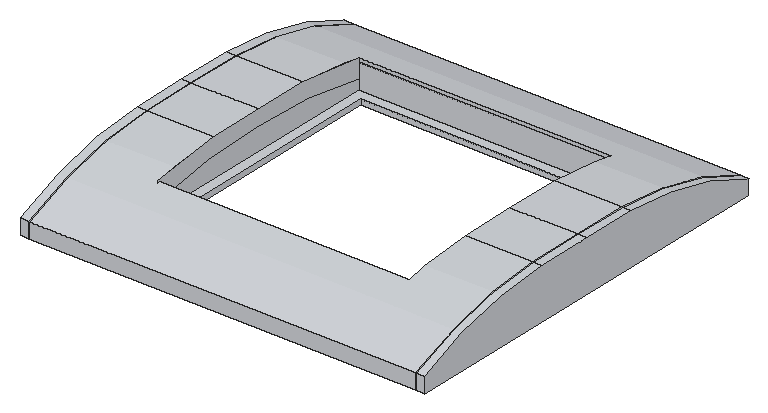
Revit family "Gira_021107", category Electrical Fixtures, host Face, Revit 2017
Family settings
  Host = Face
  Maintain Annotation Orientation = No
  Round Connector Dimension = Use Diameter
  Part Type = Normal
  Cut with Voids When Loaded = No
  Shared = No
  Room Calculation Point = No
Parameters (values of type "Cov.fr. 1-g interm.fr. AN Gira Event p.white m")
  With mounting grid = "No"
  With hinged lid = "No"
  URL = "http://katalog.gira.de/en/datenblatt.html?artikelnr=021107"
  Type of fastening = "Clamp mounting"
  Transparent = "No"
  Surface protection = "Other"
  Surface finishing = "Matt"
  Suitable for wall duct = "No"
  Suitable for flush-mounted installation = "Yes"
  Suitable for floor box = "No"
  Suitable for built-in installation = "No"
  RAL-number (akin) = "9010"
  Number of units vertical = "1"
  Number of units horizontal = "1"
  Number of units = "1"
  Name = "Cov.fr. 1-g interm.fr. AN Gira Event p.white m"
  Mounting direction = "Horizontal and vertical"
  Material quality = "Thermoplastic"
  Material = "Plastic"
  Manufacturer URL = "https://www.gira.de/"
  Manufacturer = "Gira"
  Label space/information surface = "No"
  Keynote = ""
  HeinzeBIM = "https://bimportal.heinze.de/bim/cov-fr-1-g-interm-fr-an-gira-event-p-white-m/704a7c22f738b9d9c31c6109cdb5915556e3b335"
  Halogen free = "Yes"
  HAN = "021107"
  GTIN = "4010337211075"
  Description = "Cov.fr.1g i.fr.AN Event PWm,Gira Event frames,pure white matt with anthracite intermediate frame,1-gang,Features:,- Shatter-proof."
  Degree of protection (IP) = "IP20"
  Default Elevation = 1219.2 mm
  Data sheet (1) = "https://katalog.gira.de/en/download.html?artikelnr=021107"
  Colour = "White"
  Category = "Cover frame for domestic switching devices"
  BIM (1) = "https://media.stage.bim.site/public/gira/36a6b08/Event_Rahmen_1fach.rfa"
  Available = "No"
Reference planes
  plane 1 "Center (Front/Back)": y = 0
  plane 2: z = 0
  plane 3 "Center (Left/Right)": x = 0
Forms (mm)
  Extrusion 1, solid, detail levels fine
    sketch origin (0, 0, 1.55) x (0, 1, 0) y (0, 0, 1)
      loop
        arc (12.445, 9.683) -> (6.223, 9.833) -> (0, 9.85) r 291.636
        arc (0, 9.85) -> (-6.223, 9.833) -> (-12.445, 9.683) r 291.636
        arc (-12.445, 9.683) -> (-29.14, 7.482) -> (-45, 1.823) r 79.728
        line (-45, 1.823) -> (-45, -1.55) -> (-41.777, -1.55) -> (-41.777, -0.55)
        arc (-41.777, -0.55) -> (-21.205, 4.846) -> (0, 6.467) r 118.15
        arc (0, 6.467) -> (21.205, 4.846) -> (41.777, -0.55) r 118.15
        line (41.777, -0.55) -> (41.777, -1.55) -> (45, -1.55) -> (45, 1.823)
        arc (45, 1.823) -> (29.14, 7.482) -> (12.445, 9.683) r 79.728
    from -43 to 43
  Extrusion 2, void, detail levels fine
    sketch origin (0, 0, 0) x (1, 0, 0) y (0, 1, 0)
      loop
        line (-28, -28) -> (28, -28) -> (28, 28) -> (-28, 28) -> (-28, -28)
    from 2.85 to 12
  Extrusion 3, solid, detail levels coarse
    sketch origin (0, 0, 0) x (1, 0, 0) y (0, 1, 0)
      loop
        line (-45, 45) -> (-45, -45) -> (45, -45) -> (45, 45) -> (-45, 45)
    from 0 to 11.4
  Extrusion 4, solid, detail levels medium
    sketch origin (0, 0, 1.55) x (0, 1, 0) y (0, 0, 1)
      loop
        arc (12.445, 9.683) -> (6.223, 9.833) -> (0, 9.85) r 291.636
        arc (0, 9.85) -> (-6.223, 9.833) -> (-12.445, 9.683) r 291.636
        arc (-12.445, 9.683) -> (-29.14, 7.482) -> (-45, 1.823) r 79.728
        line (-45, 1.823) -> (-45, -1.55) -> (45, -1.55) -> (45, 1.823)
        arc (45, 1.823) -> (29.14, 7.482) -> (12.445, 9.683) r 79.728
    from -45 to 45
  Extrusion 5, solid, detail levels fine
    sketch origin (0, 0, 0) x (0, 1, 0) y (0, 0, 1)
      loop
        arc (45, 3.373) -> (29.14, 9.032) -> (12.445, 11.233) r 79.728
        arc (12.445, 11.233) -> (6.223, 11.383) -> (0, 11.4) r 291.636
        arc (0, 11.4) -> (-6.223, 11.383) -> (-12.445, 11.233) r 291.636
        arc (-12.445, 11.233) -> (-29.14, 9.032) -> (-45, 3.373) r 79.728
        line (-45, 3.373) -> (-45, 0) -> (45, 0) -> (45, 3.373)
    from 43 to 45
  Extrusion 6, solid, detail levels fine
    sketch origin (0, 0, 0) x (0, 1, 0) y (0, 0, -1)
      loop
        line (45, -3.373) -> (45, 0) -> (-45, 0) -> (-45, -3.373)
        arc (-45, -3.373) -> (-29.14, -9.032) -> (-12.445, -11.233) r 79.728
        arc (-12.445, -11.233) -> (-6.223, -11.383) -> (0, -11.4) r 291.636
        arc (0, -11.4) -> (6.223, -11.383) -> (12.445, -11.233) r 291.636
        arc (12.445, -11.233) -> (29.14, -9.032) -> (45, -3.373) r 79.728
    from 43 to 45
  Extrusion 7, solid, detail levels fine
    sketch origin (0, 0, 0) x (1, 0, 0) y (0, 1, 0)
      loop
        line (-25.7, 25.7) -> (-25.7, -25.7) -> (25.7, -25.7) -> (25.7, 25.7) -> (-25.7, 25.7)
      loop
        line (-29.495, 27.895) -> (-29.495, -27.895)
        spline (-29.495, -27.895) -> (-29.486, -28.025) -> (-29.461, -28.154) -> (-29.419, -28.278) -> (-29.361, -28.395) -> (-29.288, -28.504) -> (-29.202, -28.602) -> (-29.104, -28.688) -> (-28.995, -28.761) -> (-28.878, -28.819) -> (-28.754, -28.861) -> (-28.625, -28.886) -> (-28.495, -28.895)
        line (-28.495, -28.895) -> (28.495, -28.895)
        spline (28.495, -28.895) -> (28.625, -28.886) -> (28.754, -28.861) -> (28.878, -28.819) -> (28.995, -28.761) -> (29.104, -28.688) -> (29.202, -28.602) -> (29.288, -28.504) -> (29.361, -28.395) -> (29.419, -28.278) -> (29.461, -28.154) -> (29.486, -28.025) -> (29.495, -27.895)
        line (29.495, -27.895) -> (29.495, 27.895)
        spline (29.495, 27.895) -> (29.486, 28.025) -> (29.461, 28.154) -> (29.419, 28.278) -> (29.361, 28.395) -> (29.288, 28.504) -> (29.202, 28.602) -> (29.104, 28.688) -> (28.995, 28.761) -> (28.878, 28.819) -> (28.754, 28.861) -> (28.625, 28.886) -> (28.495, 28.895)
        line (28.495, 28.895) -> (-28.495, 28.895)
        spline (-28.495, 28.895) -> (-28.625, 28.886) -> (-28.754, 28.861) -> (-28.878, 28.819) -> (-28.995, 28.761) -> (-29.104, 28.688) -> (-29.202, 28.602) -> (-29.288, 28.504) -> (-29.361, 28.395) -> (-29.419, 28.278) -> (-29.461, 28.154) -> (-29.486, 28.025) -> (-29.495, 27.895)
    from 1.673 to 8.5
Cuts and joins
  Extrusion 2 cuts Extrusion 1
  Extrusion 2 cuts Extrusion 7
Dimensions and locks
  aligned and locked: plane 2 to host face
  aligned and locked: level to host face
